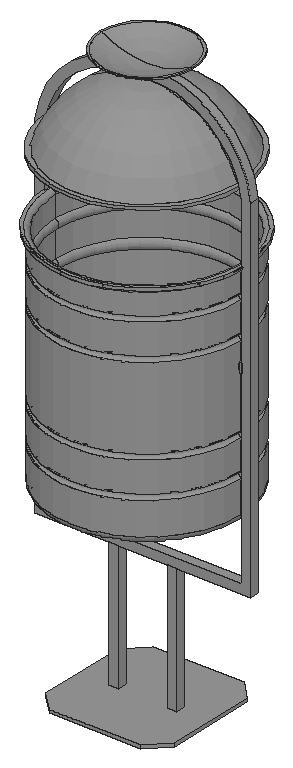
Revit family "Урна 126", category Антураж, Revit 2017
Family settings
  На основе рабочей плоскости = Нет
  Всегда вертикально = Да
  При загрузке вырезать с полостями = Нет
  Источник визуального образа = Геометрия семейства
  Общий = Нет
  Точка расчета площади = Нет
Parameters (values of type "Урна 126 (красный)")
  Стоимость = 2200
  Материал ведра = Красный RAL3020
  Изготовитель = "ООО \"Хоббика\""
  Высота = 0 mm
  URL = "https://hobbyka.ru/product/urna_126/"
  ADSK_Размер_Ширина = 370 mm
  ADSK_Размер_Диаметр = 340 mm
  ADSK_Размер_Высота = 998 mm
  ADSK_Объем = 0.03 m³
  ADSK_Наименование = "Урна 126"
  ADSK_Материал урны = Черный
  ADSK_Код изделия = "7324"
Types (14, lengths in mm): name | Материал ведра | Высота
  (no name) | Красный RAL3020 | 0
  Урна 126 (зеленый) | Зелёный RAL6029 | 998
  Урна 126 (салатовый) | Салатовый RAL6018 | 998
  Урна 126 (красный) | Красный RAL3020 | 0
  Урна 126 (бордо) | Бордо RAL3004 | 998
  Урна 126 (синий) | Синий RAL5002 | 998
  Урна 126 (светло-серый) | Светло-серый RAL7035 | 998
  Урна 126 (темно-серый) | Темно-серый RAL7040 | 998
  Урна 126 (темный шоколад) | Темный шоколад | 998
  Урна 126 (черный) | Черный | 998
  Урна 126 (оранжевый) | Оранжевый RAL2008 | 998
  Урна 126 (антик серебро) | Антик серебро | 998
  Урна 126 (антик медь) | Антик медь | 998
  Урна 126 (антик бронза) | Антик бронза | 998
Reference planes
  plane 1 "По центру (Вперед/Назад)": y = 0
  plane 2: z = 0
  plane 3 "По центру (Влево/Вправо)": x = 0
  plane 4: z = 330
  plane 5: z = 998
Forms (mm)
  Revolve 1, solid, material "Красный RAL3020" <- "Материал ведра"
    sketch origin (0, 0, 0) x (1, 0, 0) y (0, 0, 1)
      loop
        arc (-152.479, 843) -> (-93.52, 920.594) -> (0, 947.997) r 155.842
        line (0, 947.997) -> (0, 953)
        arc (0, 953) -> (-94.944, 925.673) -> (-156.002, 848) r 160.842
        line (-156.002, 848) -> (-164, 848) -> (-164, 843) -> (-152.479, 843)
      axis (0, 843) -> (0, 953)
    angle from 0 to 360
  Revolve 2, solid, material "Красный RAL3020" <- "Материал ведра"
    sketch origin (0, 0, 0) x (1, 0, 0) y (0, 0, 1)
      loop
        arc (0, 978) -> (-39.728, 982.774) -> (-76.731, 998) r 148.235
        line (-76.731, 998) -> (-80, 998) -> (-80, 997) -> (-77, 997)
        arc (-77, 997) -> (-39.857, 981.775) -> (0, 977) r 149.235
        line (0, 977) -> (0, 978)
      axis (0, 998) -> (0, 977)
    angle from 0 to 360
Dimensions and locks
  aligned and locked: level to plane 2
Nested families
  nested 1: "опора 126" at (0, 0, 0), type "опора 126"
  nested 2: "урна_126" at (0, 0, 330), type "урна_126"
Definition of nested family "опора 126"
  Parameters (values of type "опора 126")
    Ширина = 370 mm
    Материал опоры [instance] = none
  Reference planes
    plane 1 "По центру (Вперед/Назад)": y = 0
    plane 2: z = 0
    plane 3 "По центру (Влево/Вправо)": x = 0
    plane 4: x = -50
    plane 5: x = 50
    plane 6: z = 224
    plane 7: z = 960
    plane 8: x = 169
    plane 9: x = -169
    plane 10: z = 571
  Forms (mm)
    Extrusion 1, solid, material <- "Материал опоры"
      sketch origin (0, 0, 0) x (1, 0, 0) y (0, 1, 0)
        loop
          line (-110, 78) -> (-110, -78) -> (-78, -110) -> (78, -110) -> (110, -78) -> (110, 78) -> (78, 110) -> (-78, 110) -> (-110, 78)
      from 0 to 5
    Extrusion 2, solid, material <- "Материал опоры"
      sketch origin (0, 0, 0) x (1, 0, 0) y (0, 1, 0)
        loop
          line (-58, 7.979) -> (-58, -8.021) -> (-42, -8.021) -> (-42, 7.979) -> (-58, 7.979)
        loop
          line (42, 7.979) -> (42, -8.021) -> (58, -8.021) -> (58, 7.979) -> (42, 7.979)
      from 5 to 224
    Sweep 3, solid, material <- "Материал опоры"
      path origin (0, 0, 0) x (1, 0, 0) y (0, 0, 1)
        loop
          line (-2, 968) -> (-30, 968)
          arc (-30, 968) -> (-128.062, 924.947) -> (-177, 829.686) r 160
          line (-177, 829.686) -> (-177, 232) -> (177, 232) -> (177, 829.686)
          arc (177, 829.686) -> (128.062, 924.947) -> (30, 968) r 160
          line (30, 968) -> (2, 968)
      profile origin (0, 0, 232) x (0, 0, 1) y (0, -1, 0)
        loop
          line (-8, 8.021) -> (-8, -7.979) -> (8, -7.979) -> (8, 8.021) -> (-8, 8.021)
    Extrusion 4, solid, material <- "Материал опоры"
      sketch origin (29.706, -1524, 960) x (0, -1, 0) y (-1, 0, 0)
        loop
          circle (-1524, 29.706) r 3
      from 0 to 7
    Extrusion 5, solid, material <- "Материал опоры"
      sketch origin (-169, -1524, 240) x (0, 0, -1) y (0, -1, 0)
        loop
          line (-339, -1531.979) -> (-323, -1531.979) -> (-323, -1515.979) -> (-339, -1515.979) -> (-339, -1531.979)
      from 0 to -2
    Revolve 6, solid, material <- "Материал опоры"
      sketch origin (0, 0, 0) x (1, 0, 0) y (0, 0, 1)
        loop
          line (-167, 571) -> (-160, 571) -> (-160, 578) -> (-163, 578) -> (-163, 576) -> (-167, 576) -> (-167, 571)
        axis (-160, 571) -> (-167, 571)
      angle from 0 to 360
    Extrusion 7, solid, material <- "Материал опоры"
      sketch origin (169, -1524, 240) x (0, 0, -1) y (0, 1, 0)
        loop
          line (-339, 1531.979) -> (-339, 1515.979) -> (-323, 1515.979) -> (-323, 1531.979) -> (-339, 1531.979)
      from 0 to -2
    Revolve 8, solid, material <- "Материал опоры"
      sketch origin (0, 0, 0) x (-1, 0, 0) y (0, 0, 1)
        loop
          line (-167, 571) -> (-160, 571) -> (-160, 578) -> (-163, 578) -> (-163, 576) -> (-167, 576) -> (-167, 571)
        axis (-160, 571) -> (-167, 571)
      angle from 0 to 360
  Dimensions and locks
    equal spacing: Extrusion 1, plane 3 "По центру (Влево/Вправо)", Extrusion 1
    equal spacing: Extrusion 1, plane 1 "По центру (Вперед/Назад)", Extrusion 1
    "Ширина": Sweep 3 to Sweep 3
    aligned and locked: level to plane 2
    aligned and locked: plane 6 to Extrusion 2
    aligned and locked: Extrusion 2 to Extrusion 1
  Automatic sketch dimensions
    Extrusion 1 sketch curve to plane 9 = 59 mm
    Extrusion 1 sketch curve to plane 4 = 28 mm  (x2)
    plane 5 to Extrusion 1 sketch curve = 28 mm  (x2)
    Extrusion 1 sketch curve to Extrusion 1 sketch curve = 32 mm  (x4)
    plane 1 "По центру (Вперед/Назад)" to Extrusion 1 sketch curve = 110 mm
    Extrusion 1 sketch curve to plane 1 "По центру (Вперед/Назад)" = 78 mm  (x2)
    Extrusion 2 sketch curve to plane 4 = 8 mm
    plane 4 to Extrusion 2 sketch curve = 8 mm
    Extrusion 2 sketch curve to plane 5 = 8 mm
    plane 5 to Extrusion 2 sketch curve = 8 mm
    plane 1 "По центру (Вперед/Назад)" to Extrusion 2 sketch curve = 8.021 mm  (x2)
    Extrusion 2 sketch curve to plane 1 "По центру (Вперед/Назад)" = 7.979 mm  (x2)
    plane 9 to Sweep 3 sketch curve = 8 mm
    Sweep 3 sketch curve to plane 7 = 8 mm  (x2)
    plane 4 to Sweep 3 sketch curve = 20 mm
    Sweep 3 sketch curve to plane 3 "По центру (Влево/Вправо)" = 18.42 mm
    plane 3 "По центру (Влево/Вправо)" to Sweep 3 sketch curve = 18.42 mm
    Sweep 3 sketch curve to plane 5 = 20 mm
    Sweep 3 sketch curve to plane 8 = 8 mm
    plane 7 to Sweep 3 sketch curve = 130.314 mm  (x2)
    plane 6 to Sweep 3 sketch curve = 8 mm
    Sweep 3 sketch curve to plane 3 "По центру (Влево/Вправо)" = 2 mm
    plane 3 "По центру (Влево/Вправо)" to Sweep 3 sketch curve = 2 mm
    profile plane to Sweep 3 sketch curve = 8 mm
    Sweep 3 sketch curve to profile plane = 8 mm
    Sweep 3 sketch curve to plane 1 "По центру (Вперед/Назад)" = 7.979 mm
    plane 1 "По центру (Вперед/Назад)" to Sweep 3 sketch curve = 8.021 mm
    plane 1 "По центру (Вперед/Назад)" to Extrusion 4 sketch curve = 0 mm
    Extrusion 4 sketch curve to plane 3 "По центру (Влево/Вправо)" = 0 mm
    plane 10 to Extrusion 5 sketch curve = 8 mm
    Extrusion 5 sketch curve to plane 10 = 8 mm
    Extrusion 5 sketch curve to plane 1 "По центру (Вперед/Назад)" = 7.979 mm
    plane 1 "По центру (Вперед/Назад)" to Extrusion 5 sketch curve = 8.021 mm
    Revolve 6 sketch curve to plane 10 = 0 mm  (x2)
    Revolve 6 sketch curve to plane 9 = 2 mm
    Revolve 6 sketch curve to Revolve 6 sketch curve = 4 mm
    Revolve 6 sketch curve to Revolve 6 sketch curve = 3 mm
    plane 10 to Revolve 6 sketch curve = 5 mm
    Revolve 6 sketch curve to Revolve 6 sketch curve = 2 mm
    plane 9 to Revolve 6 sketch curve = 5 mm
    Revolve 6 sketch curve to Revolve 6 sketch curve = 6 mm
    plane 10 to Extrusion 7 sketch curve = 8 mm
    Extrusion 7 sketch curve to plane 10 = 8 mm
    plane 1 "По центру (Вперед/Назад)" to Extrusion 7 sketch curve = 8.021 mm
    Extrusion 7 sketch curve to plane 1 "По центру (Вперед/Назад)" = 7.979 mm
    Revolve 8 sketch curve to plane 10 = 0 mm  (x2)
    Revolve 8 sketch curve to plane 8 = 2 mm
    Revolve 8 sketch curve to Revolve 8 sketch curve = 4 mm
    Revolve 8 sketch curve to Revolve 8 sketch curve = 3 mm
    Revolve 8 sketch curve to plane 10 = 5 mm
    Revolve 8 sketch curve to Revolve 8 sketch curve = 2 mm
    plane 8 to Revolve 8 sketch curve = 5 mm
    Revolve 8 sketch curve to Revolve 8 sketch curve = 6 mm
    radius of Extrusion 4 sketch curve = 3 mm
Definition of nested family "урна_126"
  Parameters (values of type "урна_126")
    Материал урны [instance] = none
    Диаметр урны = 340 mm
  Reference planes
    plane 1 "По центру (Вперед/Назад)": y = 0
    plane 2: z = 0
    plane 3 "По центру (Влево/Вправо)": x = 0
  Forms (mm)
    Revolve 1, solid, material <- "Материал урны"
      sketch origin (0, 0, 0) x (1, 0, 0) y (0, 0, 1)
        loop
          line (0, 0) -> (152, 0)
          arc (152, 0) -> (159.071, 2.929) -> (162, 10) r 10
          line (162, 10) -> (162, 66)
          arc (162, 66) -> (157, 71) -> (162, 76) r 5
          line (162, 76) -> (162, 128)
          arc (162, 128) -> (157, 133) -> (162, 138) r 5
          line (162, 138) -> (162, 278)
          arc (162, 278) -> (157, 283) -> (162, 288) r 5
          line (162, 288) -> (162, 340)
          arc (162, 340) -> (157, 345) -> (162, 350) r 5
          line (162, 350) -> (162, 385.963)
          arc (162, 385.963) -> (163.768, 390.232) -> (168.037, 392) r 6.037
          line (168.037, 392) -> (170, 392) -> (170, 397) -> (165.018, 397)
          arc (165.018, 397) -> (159.348, 394.652) -> (157, 388.982) r 8.018
          line (157, 388.982) -> (157, 353.66)
          arc (157, 353.66) -> (152, 345) -> (157, 336.34) r 10
          line (157, 336.34) -> (157, 291.66)
          arc (157, 291.66) -> (152, 283) -> (157, 274.34) r 10
          line (157, 274.34) -> (157, 141.66)
          arc (157, 141.66) -> (152, 133) -> (157, 124.34) r 10
          line (157, 124.34) -> (157, 79.66)
          arc (157, 79.66) -> (152, 71) -> (157, 62.34) r 10
          line (157, 62.34) -> (157, 15)
          arc (157, 15) -> (154.071, 7.929) -> (147, 5) r 10
          line (147, 5) -> (0, 5) -> (0, 0)
        axis (0, 0) -> (0, 397)
      angle from 0 to 360
  Dimensions and locks
    "Диаметр урны": diameter of Revolve 1
    aligned and locked: level to plane 2
  Automatic sketch dimensions
    Revolve 1 sketch curve to Revolve 1 sketch curve = 0 mm  (x11)
    Revolve 1 sketch curve to level = 0 mm
    Revolve 1 sketch curve to plane 3 "По центру (Влево/Вправо)" = 0 mm  (x2)
    level to Revolve 1 sketch curve = 15 mm
    plane 3 "По центру (Влево/Вправо)" to Revolve 1 sketch curve = 147 mm
    Revolve 1 sketch curve to Revolve 1 sketch curve = 5 mm  (x7)
    plane 3 "По центру (Влево/Вправо)" to Revolve 1 sketch curve = 157 mm
    Revolve 1 sketch curve to Revolve 1 sketch curve = 8.018 mm
    Revolve 1 sketch curve to Revolve 1 sketch curve = 3.019 mm  (x2)
    Revolve 1 sketch curve to Revolve 1 sketch curve = 4.982 mm
    Revolve 1 sketch curve to Revolve 1 sketch curve = 47.34 mm
    Revolve 1 sketch curve to Revolve 1 sketch curve = 3.66 mm  (x4)
    Revolve 1 sketch curve to Revolve 1 sketch curve = 44.679 mm  (x2)
    Revolve 1 sketch curve to Revolve 1 sketch curve = 132.679 mm
    Revolve 1 sketch curve to Revolve 1 sketch curve = 32.303 mm
    Revolve 1 sketch curve to level = 40 mm
    Revolve 1 sketch curve to Revolve 1 sketch curve = 51.018 mm
